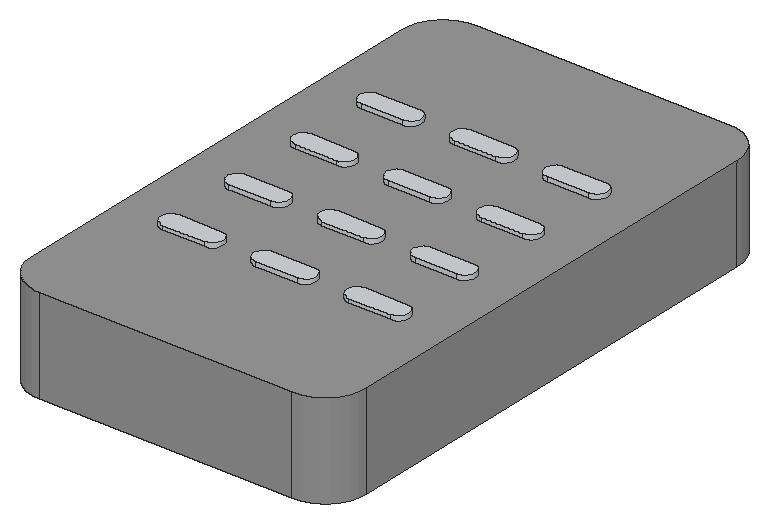
Revit family "AccessControlsCardReaderKeypad", category Security Devices, host Face, Revit 2019
Family settings
  Host = Face
  Maintain Annotation Orientation = Yes
  Round Connector Dimension = Use Diameter
  Part Type = Normal
  Cut with Voids When Loaded = No
  Shared = No
  Room Calculation Point = Yes
Parameters (values of type "AD64-HW")
  URL = "https://www.verkada.com/access-control/door-readers/ad64/"
  Type Image = AD64.png
  Model = "AD64-HW"
  Manufacturer = "VERKADA"  # constant formula
  Description = "MULTI-FORMAT CARD READER"
  Default Elevation = 1066.80 mm
  Cost = 0
Reference planes
  plane 1 "Center (Front/Back)": y = 0
  plane 2: z = 0
  plane 3 "Center (Left/Right)": x = 0
  plane 4: x = 22.505
  plane 5: y = 47.965
  plane 6: y = -47.965
  plane 7: x = -22.505
  plane 8: z = 132
Forms (mm)
  Extrusion 1, solid, material "Verkada Black"
    sketch origin (0, 0, 0) x (1, 0, 0) y (0, 1, 0)
      loop
        arc (-30.5, 66) -> (-37.571, 63.071) -> (-40.5, 56) r 10
        line (-40.5, 56) -> (-40.5, -56)
        arc (-40.5, -56) -> (-37.571, -63.071) -> (-30.5, -66) r 10
        line (-30.5, -66) -> (30.5, -66)
        arc (30.5, -66) -> (37.571, -63.071) -> (40.5, -56) r 10
        line (40.5, -56) -> (40.5, 56)
        arc (40.5, 56) -> (37.571, 63.071) -> (30.5, 66) r 10
        line (30.5, 66) -> (-30.5, 66)
    from 0 to 23
  Extrusion 2, solid
    sketch origin (0, 0, 0) x (1, 0, 0) y (0, 1, 0)
      loop
        line (17.505, 27.495) -> (27.505, 27.495)
        arc (27.505, 27.495) -> (30.005, 29.995) -> (27.505, 32.495) r 2.5
        line (27.505, 32.495) -> (17.505, 32.495)
        arc (17.505, 32.495) -> (15.005, 29.995) -> (17.505, 27.495) r 2.5
      loop
        line (-5, 27.495) -> (5, 27.495)
        arc (5, 27.495) -> (7.5, 29.995) -> (5, 32.495) r 2.5
        line (5, 32.495) -> (-5, 32.495)
        arc (-5, 32.495) -> (-7.5, 29.995) -> (-5, 27.495) r 2.5
      loop
        line (-27.505, 27.495) -> (-17.505, 27.495)
        arc (-17.505, 27.495) -> (-15.005, 29.995) -> (-17.505, 32.495) r 2.5
        line (-17.505, 32.495) -> (-27.505, 32.495)
        arc (-27.505, 32.495) -> (-30.005, 29.995) -> (-27.505, 27.495) r 2.5
      loop
        line (17.505, 7.495) -> (27.505, 7.495)
        arc (27.505, 7.495) -> (30.005, 9.995) -> (27.505, 12.495) r 2.5
        line (27.505, 12.495) -> (17.505, 12.495)
        arc (17.505, 12.495) -> (15.005, 9.995) -> (17.505, 7.495) r 2.5
      loop
        line (-5, 7.495) -> (5, 7.495)
        arc (5, 7.495) -> (7.5, 9.995) -> (5, 12.495) r 2.5
        line (5, 12.495) -> (-5, 12.495)
        arc (-5, 12.495) -> (-7.5, 9.995) -> (-5, 7.495) r 2.5
      loop
        line (-27.505, 7.495) -> (-17.505, 7.495)
        arc (-17.505, 7.495) -> (-15.005, 9.995) -> (-17.505, 12.495) r 2.5
        line (-17.505, 12.495) -> (-27.505, 12.495)
        arc (-27.505, 12.495) -> (-30.005, 9.995) -> (-27.505, 7.495) r 2.5
      loop
        line (17.505, -12.505) -> (27.505, -12.505)
        arc (27.505, -12.505) -> (30.005, -10.005) -> (27.505, -7.505) r 2.5
        line (27.505, -7.505) -> (17.505, -7.505)
        arc (17.505, -7.505) -> (15.005, -10.005) -> (17.505, -12.505) r 2.5
      loop
        line (-5, -12.505) -> (5, -12.505)
        arc (5, -12.505) -> (7.5, -10.005) -> (5, -7.505) r 2.5
        line (5, -7.505) -> (-5, -7.505)
        arc (-5, -7.505) -> (-7.5, -10.005) -> (-5, -12.505) r 2.5
      loop
        line (-27.505, -12.505) -> (-17.505, -12.505)
        arc (-17.505, -12.505) -> (-15.005, -10.005) -> (-17.505, -7.505) r 2.5
        line (-17.505, -7.505) -> (-27.505, -7.505)
        arc (-27.505, -7.505) -> (-30.005, -10.005) -> (-27.505, -12.505) r 2.5
      loop
        line (17.505, -32.5) -> (27.505, -32.5)
        arc (27.505, -32.5) -> (30.005, -30) -> (27.505, -27.5) r 2.5
        line (27.505, -27.5) -> (17.505, -27.5)
        arc (17.505, -27.5) -> (15.005, -30) -> (17.505, -32.5) r 2.5
      loop
        line (-5, -32.5) -> (5, -32.5)
        arc (5, -32.5) -> (7.5, -30) -> (5, -27.5) r 2.5
        line (5, -27.5) -> (-5, -27.5)
        arc (-5, -27.5) -> (-7.5, -30) -> (-5, -32.5) r 2.5
      loop
        line (-27.505, -32.5) -> (-17.505, -32.5)
        arc (-17.505, -32.5) -> (-15.005, -30) -> (-17.505, -27.5) r 2.5
        line (-17.505, -27.5) -> (-27.505, -27.5)
        arc (-27.505, -27.5) -> (-30.005, -30) -> (-27.505, -32.5) r 2.5
    from 23 to 24
Dimensions and locks
  plane 8 to level = 132.00 mm
  aligned and locked: plane 2 to host face
  aligned and locked: level to host face
Nested families
  nested 1: "PlanSymbol_Reader" at (0, 0, 0), type "Standard"
Connectors
  electrical at (0, 0, 0)
    settings: index 2, voltage 0 V, apparent load 0 VA, apparent load phase1 0 VA, apparent load phase2 0 VA, apparent load phase3 0 VA, power factor 1, load classification "Other", number of poles 1, system type 10, power factor state 1, is connector primary yes, connector utility no, sub classification motor no, connector description ""
Definition of nested family "PlanSymbol_Reader"
  Reference planes
    plane 1: y = 0
    plane 2: x = 0
  Lines and regions (mm)
    Masking region 1
      outline origin (0, 0, 0) x (1, 0, 0) y (0, 1, 0)
        loop
          line (-2.625, 6.625) -> (-2.625, 3.312) -> (-1.829, 3.312) -> (1.829, 3.312) -> (2.625, 3.312) -> (2.625, 6.625) -> (-2.625, 6.625)
    Masking region 2
      outline origin (0, 6.625, 0) x (0, -1, 0) y (1, 0, 0)
        loop
          line (6.625, -2.625) -> (6.625, 2.625) -> (3.312, 2.625) -> (3.312, 1.829) -> (3.312, -1.829) -> (3.312, -2.625) -> (6.625, -2.625)
